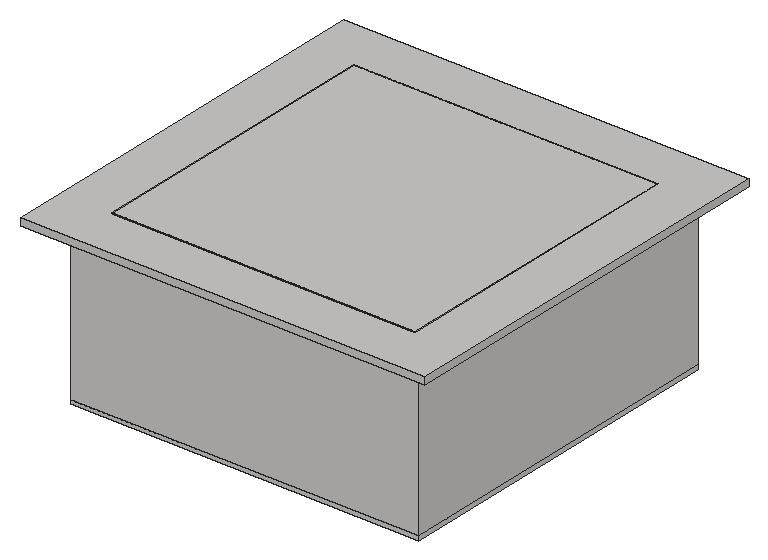
Revit family "Hose_Box-Bradley_Corp-7910-Single_Valve_Recessed", category Plumbing Fixtures, host Face, Revit 2021
Family settings
  Host = Face
  Round Connector Dimension = Use Diameter
  Part Type = Normal
  Cut with Voids When Loaded = No
  Shared = No
  Room Calculation Point = No
Parameters (values of type "7910")
  Width = 10.000"
  Warranty Information = "Full, One-Year"
  Version = "1.0"
  URL = "http://www.bradleycorp.com/"
  Type Comments = "Single Valve Recessed Hose Box"
  Technical Data = "n/a"
  Product Tech Data URL - English = "https://www.bradleycorp.com/mediamanager/view/10196/Bradley_Security_HoseBox_7910.pdf"
  Product Page URL = "https://www.bradleycorp.com/product/single-valve-recessed-hose-box-2"
  Percentage of Recycled Content = 0
  OmniClass Title = "Plumbing Specific Products and Equipment"
  OmniClass Code = "23 31 00 00"
  Modeling Code = "n/a"
  Model = "7910"
  Material Note = "n/a"
  Material = "Stainless Steel"
  MasterFormat Title = "Commercial Plumbing Fixtures"
  MasterFormat Number = "22 42 00"
  Manufacturer Installation URL - English = "https://www.bradleycorp.com/mediamanager/view/10197/7910_Single_Valve_Recessed_Hose_Box.pdf"
  Manufacturer = "Bradley Corporation"
  Low Emitting Material = no
  Length = 12.625"
  LEED Credit = ""
  Installation Type = "Wall Mounted-Recessed"
  Industry Standards = "n/a"
  Fire Rating = "n/a"
  Description = "Single Valve Recessed Hose Box"
  Depth = 4.000"
  Default Elevation = 48.000"
  Copyright = "This Model is Property of Bradley Corporation"
  Complies to NAFTA = "n/a"
  Cold Water Connection Radius = Cold Water Connection Diameter / 2  # 1/4"
  Cold Water Connection Diameter = 1/2"
  Buy American Act = "To Be Determined"
  Assembly Code = "D2010"
  ADA Compliant = "No"
Reference planes (in)
  plane 1 "Center (Front/Back)": y = 0
  plane 2: z = 0
  plane 3 "Center (Left/Right)": x = 0
  plane 4 "Front_Face": z = 0.171
  plane 5 "Box_Back": z = -4
  plane 6 "Box_Flange_Bottom": y = -6.3125
  plane 7 "Box_Flange_Top": y = 6.3125
  plane 8 "Box_Left_Side": x = -4.3125
  plane 9 "Box_Right_Side": x = 4.3125
  plane 10 "Face_Left_Side": x = -5
  plane 11 "Face_Right_Side": x = 5
  plane 12 "Face_Top": y = 5
  plane 13 "Face_Bottom": y = -5
  plane 14 "Door_Top": y = 3.75
  plane 15 "Door_Right": x = 3.75
  plane 16 "Door_Bottom": y = -3.75
  plane 17 "Door_Left": x = -3.75
  plane 18 "Box_Top": y = 4.3125
  plane 19 "Box_Bottom": y = -4.3125
Forms (in)
  Extrusion 1, solid, material "Metal - Bradley Corp - Stainless Steel"
    sketch origin (0, 0, 0.171) x (0, -1, 0) y (1, 0, 0)
      loop
        line (-5, -5) -> (5, -5) -> (5, 5) -> (-5, 5) -> (-5, -5)
      loop
        line (-3.75, 3.75) -> (-3.75, -3.75) -> (3.75, -3.75) -> (3.75, 3.75) -> (-3.75, 3.75)
    from 0 to -0.171
  Extrusion 2, solid, material "Metal - Bradley Corp - Stainless Steel"
    sketch origin (0, 0, 0.171) x (0, -1, 0) y (1, 0, 0)
      loop
        line (-3.75, -3.75) -> (3.75, -3.75) -> (3.75, 3.75) -> (-3.75, 3.75) -> (-3.75, -3.75)
    from 0 to -0.171
  Extrusion 3, solid, material "Metal - Bradley Corp - Stainless Steel"
    sketch origin (0, 0, -4) x (0, -1, 0) y (1, 0, 0)
      loop
        line (4.3125, -4.3125) -> (4.3125, 4.3125) -> (-4.3125, 4.3125) -> (-4.3125, -4.3125) -> (4.3125, -4.3125)
      loop
        line (-4.2125, -4.2125) -> (4.2125, -4.2125) -> (4.2125, 4.2125) -> (-4.2125, 4.2125) -> (-4.2125, -4.2125)
    from 0.1 to 4
  Extrusion 4, solid, material "Metal - Bradley Corp - Stainless Steel"
    sketch origin (0, 0, -4) x (0, -1, 0) y (1, 0, 0)
      loop
        line (4.3125, -4.3125) -> (4.3125, 4.3125) -> (-4.3125, 4.3125) -> (-4.3125, -4.3125) -> (4.3125, -4.3125)
    from 0 to 0.1
  Extrusion 5, void
    sketch origin (0, 0, -4) x (0, -1, 0) y (1, 0, 0)
      loop
        line (-4.3125, -4.3125) -> (4.3125, -4.3125) -> (4.3125, 4.3125) -> (-4.3125, 4.3125) -> (-4.3125, -4.3125)
    from 0 to 4
  Extrusion 6, solid, not visible
    sketch origin (4.3125, 0, 0) x (0, 1, 0) y (0, 0, 1)
      loop
        circle (1.5625, -2.125) r 0.58132
    from 0 to -0.1
  Extrusion 7, solid, not visible
    sketch origin (0, 4.3125, 0) x (-1, 0, 0) y (0, 0, 1)
      loop
        circle (-3.1875, -2.125) r 0.5
    from 0 to 0.1
  Extrusion 8, solid, not visible
    sketch origin (0, -4.3125, 0) x (-1, 0, 0) y (0, 0, 1)
      loop
        circle (3.1875, -2.125) r 0.5
    from 0 to 0.1
  Extrusion 9, solid, not visible
    sketch origin (-4.3125, 0, 0) x (0, 1, 0) y (0, 0, 1)
      loop
        circle (1.5625, -2.125) r 0.58132
    from 0 to 0.1
Lines and regions (in)
  model lines, detail levels medium+fine
    curve 1: circle (-2.92818, 0, 0.171) r 0.46094 normal (0, 0, 1)
    curve 2: circle (-2.92818, 0, 0.171) r 0.32952 normal (0, 0, 1)
Dimensions and locks (in)
  plane 10 "Face_Left_Side" to plane 11 "Face_Right_Side" = 10.000"
  plane 12 "Face_Top" to plane 13 "Face_Bottom" = 10.000"
  host face to plane 5 "Box_Back" = 4.000"
  aligned and locked: plane 2 to host face
  aligned and locked: level to host face
Connectors (in)
  piping at (4.3125, 1.5625, -2.125), diameter 0.5
    settings: on Extrusion 6, index 1, connector inside diameter 1/2", connector length 0.000", flow factor 0, pipe flow 0 GPM, pressure drop 0.00 psi, fitting loss kfactor 0, connector angle 0.00°, fixture units 0, engagement length 0.000", angle of deflection 0.00°, flow configuration 0, flow direction 1, fitting loss method 0, system type 20, joint type 0, gender type 0, connector reference index -1, connector utility 0, adjustable connector no, is connector primary yes, connector description "Right Side Supply"
  piping at (3.1875, 4.4125, -2.125), diameter 0.5
    settings: on Extrusion 7, index 2, connector inside diameter 1/2", connector length 0.000", flow factor 0, pipe flow 0 GPM, pressure drop 0.00 psi, fitting loss kfactor 0, connector angle 0.00°, fixture units 0, engagement length 0.000", angle of deflection 0.00°, flow configuration 0, flow direction 1, fitting loss method 0, system type 20, joint type 0, gender type 0, connector reference index -1, connector utility 0, adjustable connector no, is connector primary no, connector description "Top Supply"
  piping at (-3.1875, -4.3125, -2.125), diameter 0.5
    settings: on Extrusion 8, index 3, connector inside diameter 1/2", connector length 0.000", flow factor 0, pipe flow 0 GPM, pressure drop 0.00 psi, fitting loss kfactor 0, connector angle 0.00°, fixture units 0, engagement length 0.000", angle of deflection 0.00°, flow configuration 0, flow direction 1, fitting loss method 0, system type 20, joint type 0, gender type 0, connector reference index -1, connector utility 0, adjustable connector no, is connector primary no, connector description "Bottom Supply"
  piping at (-4.2125, 1.5625, -2.125), diameter 0.5
    settings: on Extrusion 9, index 4, connector inside diameter 1/2", connector length 0.000", flow factor 0, pipe flow 0 GPM, pressure drop 0.00 psi, fitting loss kfactor 0, connector angle 0.00°, fixture units 0, engagement length 0.000", angle of deflection 0.00°, flow configuration 0, flow direction 1, fitting loss method 0, system type 20, joint type 0, gender type 0, connector reference index -1, connector utility 0, adjustable connector no, is connector primary no, connector description "Left Side Supply"
